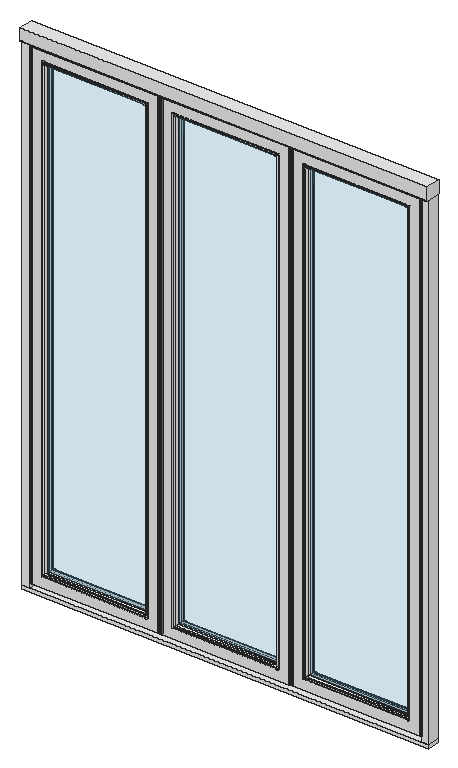
Revit family "98131", category Windows, host Wall, Revit 2018
Family settings
  Host = Wall
  OmniClass Number = 23.30.20.00
  OmniClass Title = Windows
  Always vertical = Yes
  Cut with Voids When Loaded = No
  Shared = No
  Room Calculation Point = No
Parameters (values of type "Standard")
  Y N Override Stack [instance] = no
  Y N Override Number of Panels [instance] = no
  Warranty URL = "http://www.nanawall.com/support/warranty"
  URL = "http://www.nanawall.com/design/autocad"
  U Value = 0.17
  Thickness = 0' - 2 153/256"
  Subcategory = "Folding Window"  # constant formula
  Stack Thickness [instance] = 0' 2 153/256" * Panels  # 0' - 7 203/256"
  Split Stack Right [instance] = 3
  Split Stack [instance] = no
  Size Comment [instance] = if(or(Y N Override Stack, Y N Override Number of Panels), "CONTACT NANAWALL FOR SPECIAL SIZING", " ")  # " "
  Size Chart [instance] = "http://www.nanawall.com/products/wa67/sizes"
  Single Right Stack [instance] = if(and(Y N Override Stack, Left Stack), 1 = 0, if(Right Standard = 1, 1 = 1, if(and(C Split Stack, Split Stack Right = 1), 1 = 1, 1 = 0)))  # no
  Single Panel [instance] = if(and(Open, Width < 3' 3 1/16"), 1 = 1, if(Width > 3' 3", 1 = 0, 1 = 0))  # no
  Single Left Stack [instance] = if(and(not(Y N Override Stack), (Left Standard = 1)), 1 = 1, if(and(Y N Override Stack, Left Stack, (Panels = 1)), 1 = 1, (if(and(C Split Stack, Split Stack Right = Panels - 1), 1 = 1, 1 = 0))))  # yes
  Sills Available = "Raised, Low Profile Saddle, Flush"  # constant formula
  Sash = Metal - NanaWall - Aluminum
  Rough Width = Width - (2 * (0' 1 99/128"))  # 7' - 8 29/64"
  Rough Height = Height - 0' 2 15/32"  # 9' - 7 17/32"
  Right Standard [instance] = roundup(Panels / 2)  # 2
  Right Stack Width [instance] = RS C * Thickness  # 0' - 5 25/128"
  Right Stack [instance] = no
  RS C [instance] = if(RS = 1, 2, if(RS = 0, 2, if(C Split Stack, Split Stack Right, RS)))  # 2
  RS [instance] = if(Not Override Stack, Right Standard, if(C Right Stack, Panels, if(C Left Stack, 2, if(C Split Stack, Split Stack Right, 2))))  # 2
  Product Page URL = "http://www.nanawall.com/products/wa67"
  Performance URL = "http://www.nanawall.com/products/wa67/performance"
  Panels [instance] = if(Y N Override Number of Panels, Override Number of Panels, Panel Constraint)  # 3
  Panel Width [instance] = Opening Width / Panels  # 2' - 6.81771"
  Panel Height = Height Constraint - 0' 2 15/16"  # 9' - 7 1/16"
  Panel Constraint [instance] = if(Width < 3' 3", 1, if(Width < 6' 6", 2, if(Width < 9' 10", 3, if(Width < 13' 1", 4, if(Width < 16' 4", 5, if(Width < 19' 8", 6, if(Width < 22' 10", 7, if(Width < 26' 1", 8, if(Width < 29' 4", 9, if(Width < 32' 9", 10, if(Width < 36' 1", 11, if(Width < 39' 4", 12, if(Width < 42' 0", 13, if(Width < 45' 0", 14, if(Width < 48' 0", 15, if(Width < 51' 0", 16, if(Width < 54' 0", 17, if(Width < 57' 0", 18, if(Width < 60' 0", 19, 20)))))))))))))))))))  # 3
  Override Number of Panels [instance] = 3
  Opening Width = Width - (0' 1 99/128" + 0' 1 99/128")  # 7' - 8 29/64"
  Open Right Single [instance] = if(and(Open, Single Right Stack), 1 = 1, 1 = 0)  # no
  Open Right Multi [instance] = if(and(Open, Multiple Right Stack), 1 = 1, 1 = 0)  # no
  Open Left Single [instance] = if(and(Open, Single Left Stack), 1 = 1, 1 = 0)  # no
  Open Left Multi [instance] = if(and(Open, Multiple Left Stack), 1 = 1, 1 = 0)  # no
  Open [instance] = no
  Not Override Stack [instance] = not(Y N Override Stack)  # yes
  NanaWall Configurator = "http://www.nanawall.com/content/select-wizard"
  Multiple Right Stack [instance] = if(Width < 3' 3 1/16", 1 = 0, if(and(Right Standard < 1.5, Not Override Stack), 1 = 0, if(and(Right Standard > 1, Not Override Stack), 1 = 1, (if(and(C Split Stack, Split Stack Right > 1), 1 = 1, if(C Right Stack, 1 = 1, 1 = 0))))))  # yes
  Multiple Panel [instance] = if(and(Open, Width > 3' 3 1/16"), 1 = 0, if(and(Closed, Width > 3' 3 1/16"), 1 = 1, if(Width < 3' 3", 1 = 0, 1 = 1)))  # yes
  Multiple Left Stack [instance] = if(and(Left Standard > 1, Not Override Stack), 1 = 1, (if(and(C Split Stack, Split Stack Right < Panels - 1), 1 = 1, if(C Left Stack, 1 = 1, 1 = 0))))  # no
  Model = "WA-67"  # constant formula
  Max Panel Height = if(Panel Height > 9' 6", 9' 6", Panel Height)  # 9' - 6"
  Manufacturer Toll Free Phone = "(888) 411-NANA(6262)"  # constant formula
  Manufacturer Phone = "(415) 383-3148"  # constant formula
  Manufacturer Fax = "(415) 383-0312"  # constant formula
  Manufacturer Email = "mailto:info@nanawall.com"
  Manufacturer Address = "100 Meadowcreek Drive #250, Corte Madera, CA 94925"  # constant formula
  Manufacturer = "NanaWall Systems, Inc."  # constant formula
  Left Standard [instance] = rounddown(Panels / 2)  # 1
  Left Stack Width [instance] = LS C * Thickness  # 0' - 5 25/128"
  Left Stack [instance] = no
  LS C [instance] = if(LS = 1, 2, if(LS = 0, 2, if(C Split Stack, Panels - Split Stack Right, LS)))  # 2
  LS [instance] = if(Not Override Stack, Left Standard, if(C Left Stack, Panels, if(C Right Stack, 2, if(C Split Stack, Panels - Split Stack Right, 2))))  # 1
  Installation and Service URL = "http://www.nanawall.com/support/installer"
  Height Constraint = if(Height < 3' 3", 3' 3", if(Height > 9' 10", 9' 10", Height))  # 9' - 10"
  Height = 9' - 10"
  Wall Closure = By host
  Width = 8' - 0"
  Half Panel Width [instance] = Panel Width / 2  # 1' - 3.40885"
  Glazing Options = "http://www.nanawall.com/products/wa67"
  Glass Material = Glass - NanaWall - Generic
  Filler = Rubber - NanaWall - Black
  Exterior Wall Offset = 0' - 5"
  Engineering Details URL = "http://www.nanawall.com/products/wa67/component"
  Disclaimer = "Please note that the Revit model is for schematic purposes only.  To obtain a detailed 3D model, please go to the NanaWall's configurator at www.nanawall.com."  # constant formula
  Description = "Aluminum-Clad Over Wood Folding System"  # constant formula
  Cost Info = "http://www.nanawall.com/design_wizard/wa67/quote-HL-4"
  Closed [instance] = not(Open)  # yes
  Clearance On [instance] = no
  C Split Stack [instance] = if(and(Y N Override Stack, Split Stack), 1 = 1, if(Right Stack, 1 = 0, if(Left Stack, 1 = 0, 1 = 0)))  # no
  C Right Stack [instance] = if(and(Y N Override Stack, Right Stack), 1 = 1, if(Left Stack, 1 = 0, if(Split Stack, 1 = 0, 1 = 1)))  # yes
  C Panel [instance] = if(Panels < 2, 2, Panels)  # 3
  C Left Stack [instance] = if(and(Y N Override Stack, Left Stack), 1 = 1, if(Right Stack, 1 = 0, if(Split Stack, 1 = 0, 1 = 0)))  # no
  Assembly Code = "B2050.1040"
  95 CSI = "8411"  # constant formula
  04 CSI = "08 41 13"  # constant formula
Reference planes (in)
  plane 1 "Center (Front/Back)": y = 0
  plane 2 "Center (Left/Right)": x = 0
  plane 3 "Left": x = -48
  plane 4 "Right": x = 48
  plane 5 "Top": z = 118
  plane 6: z = 115.05521
  plane 7: z = 59
  plane 8: x = -46.22835
  plane 9: x = 46.22835
  plane 10: x = 40.77713
  plane 11: y = -1.29883
  plane 12: y = 1.29883
  plane 13: y = -2
  plane 14: y = -3.29883
  plane 15: x = 45.97244
  plane 16: x = -45.97244
  plane 17: x = -40.77713
Lines and regions (in)
  Opening 1
    outline origin (-90, -3, 0) x (1, 0, 0) y (0, 0, 1)
      loop
        line (42, 0) -> (138, 0) -> (138, 118) -> (42, 118) -> (42, 0)
  symbolic lines
    curve 1: line (-48, -0.69929, 0) -> (48, -0.69929, 0)
    curve 2: line (-48, -3.29883, 0) -> (48, -3.29883, 0)
  symbolic lines, visible <- "Clearance On"
    curve 3: line (-45.97244, -34.11654, 0) -> (-45.97244, -3.29883, 0)
    curve 4: line (45.97244, -34.11654, 0) -> (-45.97244, -34.11654, 0)
    curve 5: line (45.97244, -3.29883, 0) -> (45.97244, -34.11654, 0)
Text (in)
  text "Exterior" at (-74.96733, 27.31104, 0), in view "Ref. Level"
  text "Interior" at (-74.96733, -25.14366, 0), in view "Ref. Level"
  text "Exterior" at (0, 40.15149, 72.9804), in view "Right"
  text "Interior" at (0, -64.39139, 72.9804), in view "Right"
  text "Interior" at (0, -31.01599, 63.85961), in view "Left"
  text "Exterior" at (0, 54.57065, 63.85961), in view "Left"
Dimensions and locks (in)
  "Height Constraint": level to plane 5 "Top"
  "Width": plane 3 "Left" to plane 4 "Right"
  equal spacing: plane 3 "Left", plane 2 "Center (Left/Right)", plane 4 "Right"
  locked: plane 6 to plane 5 "Top" at 2.94479
  equal spacing: level, plane 7, plane 5 "Top"
  locked: plane 3 "Left" to plane 8 at 1.77165
  locked: plane 9 to plane 4 "Right" at 1.77165
  equal spacing: group 2, group 3, group 1
  equal spacing: group 1, group 3, group 2  (x2)
  "Right Stack Width": plane 10 to plane 15
  "Exterior Wall Offset": host wall to plane 13
  locked: plane 13 to plane 14 at 1.29883
  locked: plane 15 to plane 4 "Right" at 2.02756
  locked: plane 3 "Left" to plane 16 at 2.02756
  "Left Stack Width": plane 16 to plane 17
  group 5 to group 4 = 0' - 2 153/256"
  group 4 to group 5 = 0' - 0"  (x2)
  group 6 to group 7 = 0' - 2 153/256"
  group 6 to group 7 = 0' - 0"  (x2)
  group 8 to group 9 = 0' - 2 19/32"
  group 8 to group 9 = 0' - 0"  (x2)
  group 11 to group 10 = 0' - 2 19/32"
  group 10 to group 11 = 0' - 0"  (x2)
  curve 1 to plane 13 to curve 2 = 0' - 1.30071" locked, 0' - 1.29883" locked
  "Panel Width": plane 14 to curve 4
  aligned and locked: plane 3 "Left" to Opening 1 sketch curve
  aligned and locked: plane 5 "Top" to Opening 1 sketch curve  (x2)
  aligned and locked: Opening 1 sketch curve to plane 4 "Right"
  aligned and locked: Opening 1 sketch curve to level
  aligned and locked: nested 1 to plane 3 "Left"
  aligned and locked: nested 2 to plane 4 "Right"
  aligned and locked: plane 2 "Center (Left/Right)" to nested 4
  aligned and locked: plane 13 to nested 6
  aligned and locked: plane 13 to nested 3
  aligned and locked: plane 13 to nested 7
  aligned and locked: nested 1 to plane 13
  aligned and locked: plane 13 to nested 2
  aligned and locked: nested 4 to plane 13
  aligned and locked: plane 13 to nested 5
  aligned and locked: level to nested 4
  aligned and locked: nested 5 to plane 5 "Top"
  aligned and locked: nested 2 to plane 6
  aligned and locked: plane 6 to nested 3
  aligned and locked: plane 6 to nested 1
  aligned and locked: plane 6 to nested 6
  aligned and locked: plane 9 to nested 3
  aligned and locked: plane 8 to nested 6
  aligned and locked: plane 14 to nested 8
  aligned and locked: nested 8 to plane 15
  aligned and locked: plane 10 to nested 12
  aligned and locked: plane 14 to nested 12
  aligned and locked: plane 14 to nested 9
  aligned and locked: nested 9 to plane 15
  aligned and locked: plane 14 to nested 11
  aligned and locked: plane 16 to nested 11
  aligned and locked: nested 13 to plane 17
  aligned and locked: plane 14 to nested 13
  aligned and locked: nested 12 to plane 14
  aligned and locked: plane 14 to nested 10
  aligned and locked: plane 16 to nested 10
  aligned and locked: plane 14 to nested 14
  aligned and locked: plane 16 to nested 14
  aligned and locked: plane 17 to nested 18
  aligned and locked: plane 14 to nested 18
  aligned and locked: plane 14 to nested 15
  aligned and locked: plane 16 to nested 15
  aligned and locked: plane 14 to nested 17
  aligned and locked: nested 17 to plane 15
  aligned and locked: plane 10 to nested 19
  aligned and locked: plane 14 to nested 19
  aligned and locked: plane 14 to nested 16
  aligned and locked: nested 16 to plane 15
  aligned and locked: plane 3 "Left" to curve 1
  aligned and locked: plane 3 "Left" to curve 2
  aligned and locked: plane 4 "Right" to curve 1
  aligned and locked: plane 4 "Right" to curve 2
  aligned and locked: plane 8 to nested 20
  aligned and locked: plane 13 to nested 20
  aligned and locked: curve 3 to plane 16
  aligned and locked: curve 5 to plane 15
Nested families (in)
  nested 1: "Left-Jamb_WA-67" at (-40.69793, -2, -0.00729), type "Left-Jamb_WA-67"
  nested 2: "Right-Jamb_WA-67" at (40.69793, -2, -0.00729) x (-1, 0, 0) z (0, 0, 1), type "Right-Jamb_WA-67"
  nested 3: "Sash_WA-67_NanaWall" at (30.83184, -10.125, 1.05521) x (-1, 0, 0) z (0, 0, 1), visible <- "Closed", type "Sash_WA-67_NanaWall"
  nested 4: "Sill_WA-67" at (7.30207, -2, -0.83203), type "Sill_WA-67"
  nested 5: "Header_WA-67" at (7.30207, -2, 0), type "Header_WA-67"
  nested 6: "Sash_WA-67_NanaWall" at (-30.80705, -10.125, 1.05521) x (-1, 0, 0) z (0, 0, 1), visible <- "Closed", type "Sash_WA-67_NanaWall"
  nested 7: "Sash_WA-67_NanaWall" at (0.01239, -10.125, 1.05521) x (-1, 0, 0) z (0, 0, 1), visible <- "Closed", type "Sash_WA-67_NanaWall"
  nested 8: "DetailItem_Panel" at (44.62834, -17.04752, 0), visible <- "Multiple Right Stack", type "DetailItem_Panel"
    with Panel Thickness 0' - 2 153/256", Panel Width 2' - 6.81771"
  nested 9: "DetailItem_Panel" at (44.62834, -17.04752, 0), visible <- "Single Right Stack", type "DetailItem_Panel"
    with Panel Thickness 0' - 2 153/256", Panel Width 2' - 6.81771"
  nested 10: "DetailItem_Panel" at (-44.71889, -17.04752, 0), visible <- "Single Left Stack", type "DetailItem_Panel"
    with Panel Thickness 0' - 2 153/256", Panel Width 2' - 6.81771"
  nested 11: "DetailItem_Panel" at (-44.71889, -17.04752, 0), visible <- "Multiple Left Stack", type "DetailItem_Panel"
    with Panel Thickness 0' - 2 153/256", Panel Width 2' - 6.81771"
  nested 12: "DetailItem_Panel" at (42.03068, -17.04752, 0), visible <- "Multiple Right Stack", type "DetailItem_Panel"
    with Panel Thickness 0' - 2 153/256", Panel Width 2' - 6.81771"
  nested 13: "DetailItem_Panel" at (-42.12123, -17.04752, 0), visible <- "Multiple Left Stack", type "DetailItem_Panel"
    with Panel Thickness 0' - 2 153/256", Panel Width 2' - 6.81771"
  nested 14: "Sash_WA-67_NanaWall" at (-52.79666, -18.72003, 0.00001) x (0, 1, 0) z (0, 0, 1), visible <- "Open Left Multi", type "Sash_WA-67_NanaWall"
  nested 15: "Sash_WA-67_NanaWall" at (-52.79666, -18.72003, 0.00001) x (0, 1, 0) z (0, 0, 1), visible <- "Open Left Single", type "Sash_WA-67_NanaWall"
  nested 16: "Sash_WA-67_NanaWall" at (36.54666, -18.72003, 0.00001) x (0, 1, 0) z (0, 0, 1), visible <- "Open Right Single", type "Sash_WA-67_NanaWall"
  nested 17: "Sash_WA-67_NanaWall" at (36.54666, -18.72003, 0.00001) x (0, 1, 0) z (0, 0, 1), visible <- "Open Right Multi", type "Sash_WA-67_NanaWall"
  nested 18: "Sash_WA-67_NanaWall" at (-50.20291, -18.72003, 0.00001) x (0, 1, 0) z (0, 0, 1), visible <- "Open Left Multi", type "Sash_WA-67_NanaWall"
  nested 19: "Sash_WA-67_NanaWall" at (33.95291, -18.72003, 0.00001) x (0, 1, 0) z (0, 0, 1), visible <- "Open Right Multi", type "Sash_WA-67_NanaWall"
  nested 20: "Sash_WA-67_NanaWall" at (0.01056, -10.125, 0.00001) x (-1, 0, 0) z (0, 0, 1), visible <- "Single Panel", type "Sash_WA-67_NanaWall Full"
    with Width 7' - 8 29/64"
Definition of nested family "Left-Jamb_WA-67"
  Parameters
    Width = 1' - 0"
    Left Jamb = none
    Height = 9' - 7 1/16"
    Half = yes
    Assembly Code = ""
  Reference planes (in)
    plane 1 "Center (Front/Back)": y = 0
    plane 2: z = 0
    plane 3 "Center (Left/Right)": x = -7.30207
    plane 4 "Top": z = 115.0625
  Forms (in)
    Sweep 1, solid, material <- "Left Jamb"
      path origin (-7.30207, 0, 0) x (0, 1, 0) y (0, 0, 1)
        loop
          line (0, 115.0625) -> (0, 0)
      profile "Profile_Left-Jamb_WA-67 : Profile_Left-Jamb_WA-67" origin (-7.30207, 0, 57.53125) x (0, 1, 0) y (1, 0, 0)
        loop
          line (-1.29921, 0) -> (1.29921, 0) -> (1.29921, 1.77165) -> (-1.29921, 1.77165) -> (-1.29921, 0)
  Lines and regions (in)
    Masking region 1
      outline origin (0, 0, 0) x (1, 0, 0) y (0, 1, 0)
        loop
          line (-7.30207, 1.29921) -> (-7.30207, -1.29921) -> (-5.53042, -1.29921) -> (-5.53042, 1.29921) -> (-7.30207, 1.29921)
  Dimensions and locks (in)
    "Height": plane 4 "Top" to level
    plane 4 "Top" to level = 9' - 7 1/16"
    aligned and locked: plane 4 "Top" to Sweep 1 sketch curve
    aligned and locked: level to Sweep 1 sketch curve
    aligned and locked: plane 3 "Center (Left/Right)" to nested 1
    aligned and locked: plane 1 "Center (Front/Back)" to nested 1
    aligned and locked: Masking region 1 sketch curve to plane 3 "Center (Left/Right)"
  Automatic sketch dimensions
    plane 1 "Center (Front/Back)" to Sweep 1 sketch curve = 0' - 0"
    Masking region 1 sketch curve to plane 1 "Center (Front/Back)" = 0' - 1.29921"
    Masking region 1 sketch curve to Masking region 1 sketch curve = 0' - 1.77165"
    plane 1 "Center (Front/Back)" to Masking region 1 sketch curve = 0' - 1.29921"
  Nested families (in)
    nested 1: "Left-Jamb_Nana_Walls-WD-67" at (-7.36112, 0, 0), type "Left-Jamb_Nana_Walls-WD-67", detail levels fine
  Definition of nested family "Left-Jamb_Nana_Walls-WD-67"
    Parameters
      SmartBIM Object Version = 1  # constant formula
      SmartBIM Object Created By = "Reed Construction Data"  # constant formula
      Half Peice = yes
      Assembly Code = ""
      95 CSI = ""
      04 CSI = ""
    Reference planes (in)
      plane 1 "Center (Front/Back)": y = 0
      plane 2: z = 0
      plane 3 "Center (Left/Right)": x = 0.05906
    Lines and regions (in)
      model lines, in view "Ref. Level"
        curve 1: arc (1.73228, -1.29921, 0) -> (1.80188, -1.27038, 0) -> (1.83071, -1.20079, 0) r 0.09843
        curve 2: arc (1.83071, -0.90551, 0) -> (1.80765, -0.84983, 0) -> (1.75197, -0.82677, 0) r 0.07874
        curve 3: arc (1.24016, 0.82677, 0) -> (1.21133, 0.89637, 0) -> (1.14173, 0.9252, 0) r 0.09843
        curve 4: arc (0.41339, 0.9252, 0) -> (0.34379, 0.89637, 0) -> (0.31496, 0.82677, 0) r 0.09843
        curve 5: arc (0.31496, 0.65709, 0) -> (0.32147, 0.63931, 0) -> (0.33793, 0.62992, 0) r 0.02756
        curve 6: arc (0.33465, 0.55118, 0) -> (0.34857, 0.55695, 0) -> (0.35433, 0.57087, 0) r 0.01969
        curve 7: arc (0.35433, 0.61051, 0) -> (0.34968, 0.62322, 0) -> (0.33793, 0.62992, 0) r 0.01969
        curve 8: arc (0.05906, -1.20079, 0) -> (0.08788, -1.27038, 0) -> (0.15748, -1.29921, 0) r 0.09843
        curve 9: line (1.53543, -0.62992, 0) -> (1.27953, -0.62992, 0)
        curve 10: line (1.27953, -0.62992, 0) -> (1.27953, -0.82677, 0)
        curve 11: line (1.27953, -0.82677, 0) -> (1.75197, -0.82677, 0)
        curve 12: line (0.15748, -1.29921, 0) -> (1.73228, -1.29921, 0)
        curve 13: line (1.83071, -1.20079, 0) -> (1.83071, -0.90551, 0)
        curve 14: line (0.41339, 0.9252, 0) -> (1.14173, 0.9252, 0)
        curve 15: line (0.35433, 0.57087, 0) -> (0.35433, 0.61051, 0)
        curve 16: line (1.53543, 0.31496, 0) -> (1.27953, 0.31496, 0)
        curve 17: line (1.27953, 0.31496, 0) -> (1.27953, -0.31496, 0)
        curve 18: line (1.27953, -0.31496, 0) -> (1.53543, -0.31496, 0)
        curve 19: line (1.24016, 0.82677, 0) -> (1.24016, 0.62992, 0)
        curve 20: line (1.24016, 0.62992, 0) -> (1.53543, 0.62992, 0)
        curve 21: line (0.05906, -1.20079, 0) -> (0.05906, -0.3937, 0)
        curve 22: line (0.05906, -0.3937, 0) -> (0.29528, -0.3937, 0)
        curve 23: line (0.29528, -0.3937, 0) -> (0.29528, 0.3937, 0)
        curve 24: line (0.29528, 0.3937, 0) -> (0.05906, 0.3937, 0)
        curve 25: line (0.05906, 0.3937, 0) -> (0.05906, 0.5315, 0)
        curve 26: line (0.05906, 0.5315, 0) -> (0.07874, 0.55118, 0)
        curve 27: line (0.07874, 0.55118, 0) -> (0.33465, 0.55118, 0)
        curve 92: arc (1.29134, 0.74953, 0) -> (1.30864, 0.70777, 0) -> (1.35039, 0.69048, 0) r 0.05906
        curve 93: arc (1.37008, 1.04481, 0) -> (1.35278, 1.08656, 0) -> (1.31102, 1.10386, 0) r 0.05906
        curve 94: arc (0.98031, 1.10386, 0) -> (1.00815, 1.11539, 0) -> (1.01969, 1.14323, 0) r 0.03937
        curve 95: arc (1.05791, 1.22999, 0) -> (1.03017, 1.20832, 0) -> (1.01969, 1.17473, 0) r 0.05906
        curve 96: arc (0.58661, 1.17473, 0) -> (0.57613, 1.20832, 0) -> (0.54839, 1.22999, 0) r 0.05906
        curve 97: arc (0.58661, 1.14323, 0) -> (0.59815, 1.11539, 0) -> (0.62598, 1.10386, 0) r 0.03937
        curve 98: arc (1.22441, 1.15111, 0) -> (1.24668, 1.16033, 0) -> (1.25591, 1.1826, 0) r 0.0315
        curve 99: line (1.19387, 1.15111, 0) -> (1.22764, 1.1826, 0)
        curve 100: line (1.22764, 1.20229, 0) -> (1.21007, 1.22999, 0)
        curve 101: arc (1.25591, 1.20229, 0) -> (1.25147, 1.21841, 0) -> (1.2394, 1.22999, 0) r 0.0315
        curve 102: arc (0.3669, 1.22999, 0) -> (0.35483, 1.21841, 0) -> (0.35039, 1.20229, 0) r 0.0315
        curve 103: line (0.39623, 1.22999, 0) -> (0.37866, 1.20229, 0)
        curve 104: arc (0.35039, 1.1826, 0) -> (0.35962, 1.16033, 0) -> (0.38189, 1.15111, 0) r 0.0315
        curve 105: line (0.37866, 1.1826, 0) -> (0.41243, 1.15111, 0)
        curve 106: arc (0.15484, 0.67329, 0) -> (0.17549, 0.63004, 0) -> (0.20472, 0.59205, 0) r 0.22835
        curve 107: arc (0.20472, 0.90701, 0) -> (0.17549, 0.86903, 0) -> (0.15484, 0.82578, 0) r 0.22835
        curve 108: line (0.15481, 0.68289, 0) -> (0.15484, 0.67329, 0)
        curve 109: line (0.15484, 0.74953, 0) -> (0.15481, 0.71265, 0)
        curve 110: line (0.15481, 0.78641, 0) -> (0.15484, 0.74953, 0)
        curve 164: line (1.51575, 0.76134, 0) -> (1.51575, 0.70622, 0)
        curve 165: line (1.51575, 0.70622, 0) -> (1.5, 0.69048, 0)
        curve 166: line (1.5, 0.69048, 0) -> (1.35039, 0.69048, 0)
        curve 167: line (1.29134, 0.74953, 0) -> (1.29134, 1.10386, 0)
        curve 168: line (1.41339, 0.77709, 0) -> (1.31102, 0.77709, 0)
        curve 169: line (1.37008, 0.77709, 0) -> (1.37008, 1.04481, 0)
        curve 170: line (1.01969, 1.14323, 0) -> (1.01969, 1.17473, 0)
        curve 171: line (1.31102, 1.10386, 0) -> (1.09843, 1.10386, 0)
        curve 172: line (1.09843, 1.10386, 0) -> (1.09843, 1.15111, 0)
        curve 173: line (1.09843, 1.15111, 0) -> (1.22441, 1.15111, 0)
        curve 174: line (0.62598, 1.10386, 0) -> (0.98031, 1.10386, 0)
        curve 175: line (0.58661, 1.14323, 0) -> (0.58661, 1.17473, 0)
        curve 176: line (0.70472, 1.10386, 0) -> (0.70472, 1.22985, 0)
        curve 177: line (0.70472, 1.22985, 0) -> (0.90157, 1.22985, 0)
        curve 178: line (0.90157, 1.22985, 0) -> (0.90157, 1.10386, 0)
        curve 179: line (0.38189, 1.15111, 0) -> (0.50787, 1.15111, 0)
        curve 180: line (0.50787, 1.15111, 0) -> (0.50787, 0.9252, 0)
        curve 181: line (1.22764, 1.1826, 0) -> (1.22764, 1.20229, 0)
        curve 182: line (1.25591, 1.1826, 0) -> (1.25591, 1.20229, 0)
        curve 183: line (0.37866, 1.1826, 0) -> (0.37866, 1.20229, 0)
        curve 184: line (0.35039, 1.1826, 0) -> (0.35039, 1.20229, 0)
        curve 185: line (1.1378, 1.10386, 0) -> (1.1378, 1.15111, 0)
        curve 186: line (0.4685, 1.15111, 0) -> (0.4685, 1.02512, 0)
        curve 187: line (0.4685, 1.02512, 0) -> (0.4779, 1.02512, 0)
        curve 188: line (0.4779, 1.02512, 0) -> (0.4779, 0.9267, 0)
        curve 189: line (0.4779, 0.9267, 0) -> (1.29134, 0.9267, 0)
        curve 190: line (0.54839, 1.22999, 0) -> (0.3669, 1.22999, 0)
        curve 191: line (1.05791, 1.22999, 0) -> (1.2394, 1.22999, 0)
        curve 192: line (0.15481, 0.71265, 0) -> (0.14819, 0.71139, 0)
        curve 193: line (0.14819, 0.71139, 0) -> (0.14988, 0.70235, 0)
        curve 194: line (0.14988, 0.70235, 0) -> (0.15204, 0.69293, 0)
        curve 195: line (0.15204, 0.69293, 0) -> (0.15481, 0.68289, 0)
        curve 196: line (0.25591, 0.59205, 0) -> (0.20472, 0.59205, 0)
        curve 197: line (0.20472, 0.59205, 0) -> (0.20472, 0.90701, 0)
        curve 198: line (0.20472, 0.90701, 0) -> (0.25591, 0.90701, 0)
        curve 199: line (0.25591, 0.72907, 0) -> (0.25591, 0.76999, 0)
        curve 200: line (0.15481, 0.81617, 0) -> (0.15201, 0.80598, 0)
        curve 201: line (0.15201, 0.80598, 0) -> (0.14985, 0.79656, 0)
        curve 202: line (0.14985, 0.79656, 0) -> (0.14819, 0.78767, 0)
        curve 203: line (0.14819, 0.78767, 0) -> (0.15481, 0.78641, 0)
        curve 245: arc (1.83071, 1.00544, 0) -> (1.82494, 1.01936, 0) -> (1.81102, 1.02512, 0) r 0.01969
        curve 254: arc (1.81102, 1.20229, 0) -> (1.82494, 1.20805, 0) -> (1.83071, 1.22197, 0) r 0.01969
        curve 363: line (1.83071, 1.2889, 0) -> (1.83071, 1.22197, 0)
        curve 520: arc (1.57958, 0.12101, 0) -> (1.60518, 0.15932, 0) -> (1.61417, 0.20452, 0) r 0.11811
        curve 521: arc (1.61417, -0.20152, 0) -> (1.60518, -0.15632, 0) -> (1.57958, -0.11801, 0) r 0.11811
        curve 522: arc (1.83071, -0.62842, 0) -> (1.82494, -0.6145, 0) -> (1.81102, -0.60874, 0) r 0.01969
        curve 523: arc (1.81776, -0.67605, 0) -> (1.82715, -0.66885, 0) -> (1.83071, -0.65755, 0) r 0.01969
        curve 524: arc (1.83071, 0.66055, 0) -> (1.82715, 0.67184, 0) -> (1.81776, 0.67905, 0) r 0.01969
        curve 525: arc (1.81102, 0.61174, 0) -> (1.82494, 0.6175, 0) -> (1.83071, 0.63142, 0) r 0.01969
        curve 526: arc (1.43701, -0.76622, 0) -> (1.40917, -0.77775, 0) -> (1.39764, -0.80559, 0) r 0.03937
        curve 527: arc (1.51575, -0.80559, 0) -> (1.54359, -0.79406, 0) -> (1.55512, -0.76622, 0) r 0.03937
        curve 528: arc (1.38688, -0.62992, 0) -> (1.36622, -0.64406, 0) -> (1.35827, -0.66779, 0) r 0.03937
        curve 529: arc (1.56426, -0.10269, 0) -> (1.54727, -0.09717, 0) -> (1.53281, -0.10766, 0) r 0.01969
        curve 530: arc (1.35825, -0.31496, 0) -> (1.4418, -0.29277, 0) -> (1.51631, -0.24895, 0) r 0.3189
        curve 531: arc (1.41753, -0.21747, 0) -> (1.48454, -0.1724, 0) -> (1.53281, -0.10766, 0) r 0.24016
        curve 532: arc (1.53543, -0.25822, 0) -> (1.52878, -0.2476, 0) -> (1.51631, -0.24895, 0) r 0.01181
        curve 533: arc (1.3189, -0.27409, 0) -> (1.33043, -0.30193, 0) -> (1.35827, -0.31346, 0) r 0.03937
        curve 534: arc (1.38976, -0.19952, 0) -> (1.39876, -0.21605, 0) -> (1.41753, -0.21747, 0) r 0.01969
        curve 535: arc (1.53281, 0.11066, 0) -> (1.48454, 0.17539, 0) -> (1.41753, 0.22047, 0) r 0.24016
        curve 536: arc (1.51631, 0.25195, 0) -> (1.45074, 0.29187, 0) -> (1.37753, 0.31496, 0) r 0.3189
        curve 537: arc (1.53281, 0.11066, 0) -> (1.54727, 0.10017, 0) -> (1.56426, 0.10569, 0) r 0.01969
        curve 538: arc (1.51631, 0.25195, 0) -> (1.52878, 0.2506, 0) -> (1.53543, 0.26122, 0) r 0.01181
        curve 539: arc (1.34751, 0.31496, 0) -> (1.32685, 0.30082, 0) -> (1.3189, 0.27709, 0) r 0.03937
        curve 540: arc (1.41753, 0.22047, 0) -> (1.39876, 0.21905, 0) -> (1.38976, 0.20252, 0) r 0.01969
        curve 541: arc (1.39764, 0.80859, 0) -> (1.40917, 0.78075, 0) -> (1.43701, 0.76922, 0) r 0.03937
        curve 542: arc (1.55512, 0.76922, 0) -> (1.54359, 0.79706, 0) -> (1.51575, 0.80859, 0) r 0.03937
        curve 543: arc (1.35827, 0.67079, 0) -> (1.3698, 0.64295, 0) -> (1.39764, 0.63142, 0) r 0.03937
        curve 544: arc (0.25591, 1.24166, 0) -> (0.25014, 1.25558, 0) -> (0.23622, 1.26134, 0) r 0.01969
        curve 545: arc (0.23622, 0.96607, 0) -> (0.25014, 0.97183, 0) -> (0.25591, 0.98575, 0) r 0.01969
        curve 546: arc (0.07874, 1.02512, 0) -> (0.06482, 1.01936, 0) -> (0.05906, 1.00544, 0) r 0.01969
        curve 547: arc (0.05906, 1.22197, 0) -> (0.06482, 1.20805, 0) -> (0.07874, 1.20229, 0) r 0.01969
        curve 548: arc (0.18898, 0.99166, 0) -> (0.18321, 1.00558, 0) -> (0.16929, 1.01134, 0) r 0.01969
        curve 549: arc (0.16929, 1.21607, 0) -> (0.18321, 1.22183, 0) -> (0.18898, 1.23575, 0) r 0.01969
        curve 550: arc (0.31496, 0.55268, 0) -> (0.33465, 0.57237, 0) -> (0.31496, 0.59205, 0) r 0.01969
        curve 551: arc (1.5748, 0.99363, 0) -> (1.59441, 0.9463, 0) -> (1.64173, 0.9267, 0) r 0.06693
        curve 552: arc (1.25984, 1.10386, 0) -> (1.3016, 1.12116, 0) -> (1.3189, 1.16292, 0) r 0.05906
        curve 553: arc (1.64173, 0.98575, 0) -> (1.6475, 0.97183, 0) -> (1.66142, 0.96607, 0) r 0.01969
        curve 554: arc (1.72047, 1.01134, 0) -> (1.70655, 1.00558, 0) -> (1.70079, 0.99166, 0) r 0.01969
        curve 555: arc (1.66142, 1.26134, 0) -> (1.6475, 1.25558, 0) -> (1.64173, 1.24166, 0) r 0.01969
        curve 556: arc (1.70079, 1.23575, 0) -> (1.70655, 1.22183, 0) -> (1.72047, 1.21607, 0) r 0.01969
        curve 557: arc (1.83071, 1.00544, 0) -> (1.82494, 1.01936, 0) -> (1.81102, 1.02512, 0) r 0.01969
        curve 558: arc (1.81102, 1.20229, 0) -> (1.82494, 1.20805, 0) -> (1.83071, 1.22197, 0) r 0.01969
        curve 559: line (0.31496, 0.65709, 0) -> (0.31496, 0.82677, 0)
        curve 560: line (1.53543, 0.62992, 0) -> (1.53543, 0.31496, 0)
        curve 561: line (1.53543, -0.31496, 0) -> (1.53543, -0.62992, 0)
        curve 706: line (1.55512, -0.76622, 0) -> (1.55512, -0.66779, 0)
        curve 707: line (1.55512, -0.66779, 0) -> (1.73228, -0.66779, 0)
        curve 708: line (1.73228, -0.66779, 0) -> (1.73228, -0.70716, 0)
        curve 709: line (1.73228, -0.70716, 0) -> (1.81776, -0.67605, 0)
        curve 710: line (1.83071, -0.65755, 0) -> (1.83071, -0.62842, 0)
        curve 711: line (1.81102, -0.60874, 0) -> (1.61417, -0.60874, 0)
        curve 712: line (1.61417, -0.60874, 0) -> (1.61417, -0.45203, 0)
        curve 713: line (1.61417, -0.45203, 0) -> (1.60236, -0.43157, 0)
        curve 714: line (1.60236, -0.43157, 0) -> (1.61417, -0.41111, 0)
        curve 715: line (1.61417, -0.41111, 0) -> (1.61417, -0.20152, 0)
        curve 716: line (1.81776, 0.67905, 0) -> (1.73228, 0.71016, 0)
        curve 717: line (1.73228, 0.71016, 0) -> (1.73228, 0.67079, 0)
        curve 718: line (1.73228, 0.67079, 0) -> (1.55512, 0.67079, 0)
        curve 719: line (1.55512, 0.67079, 0) -> (1.55512, 0.76922, 0)
        curve 720: line (1.61417, 0.20452, 0) -> (1.61417, 0.41411, 0)
        curve 721: line (1.61417, 0.41411, 0) -> (1.60236, 0.43457, 0)
        curve 722: line (1.60236, 0.43457, 0) -> (1.61417, 0.45503, 0)
        curve 723: line (1.61417, 0.45503, 0) -> (1.61417, 0.61174, 0)
        curve 724: line (1.61417, 0.61174, 0) -> (1.81102, 0.61174, 0)
        curve 725: line (1.83071, 0.63142, 0) -> (1.83071, 0.66055, 0)
        curve 726: line (1.53543, -0.25822, 0) -> (1.53543, -0.62842, 0)
        curve 727: line (1.53543, -0.62842, 0) -> (1.39764, -0.62842, 0)
        curve 728: line (1.39764, -0.80559, 0) -> (1.51575, -0.80559, 0)
        curve 729: line (1.35827, -0.66779, 0) -> (1.51575, -0.66779, 0)
        curve 730: line (1.51575, -0.66779, 0) -> (1.51575, -0.76622, 0)
        curve 731: line (1.51575, -0.76622, 0) -> (1.43701, -0.76622, 0)
        curve 732: line (1.39764, 0.63142, 0) -> (1.53543, 0.63142, 0)
        curve 733: line (1.53543, 0.63142, 0) -> (1.53543, 0.26122, 0)
        curve 734: line (1.38976, -0.19952, 0) -> (1.38976, 0.20252, 0)
        curve 735: line (1.3189, 0.27709, 0) -> (1.3189, -0.27409, 0)
        curve 736: line (1.57958, -0.11801, 0) -> (1.56426, -0.10269, 0)
        curve 737: line (1.35827, -0.31346, 0) -> (1.36885, -0.31346, 0)
        curve 738: line (1.56426, 0.10569, 0) -> (1.57958, 0.12101, 0)
        curve 739: line (1.36885, 0.31646, 0) -> (1.35827, 0.31646, 0)
        curve 740: line (1.51575, 0.80859, 0) -> (1.39764, 0.80859, 0)
        curve 741: line (1.43701, 0.76922, 0) -> (1.51575, 0.76922, 0)
        curve 742: line (1.51575, 0.76922, 0) -> (1.51575, 0.67079, 0)
        curve 743: line (1.51575, 0.67079, 0) -> (1.35827, 0.67079, 0)
        curve 744: line (0.05906, 1.22197, 0) -> (0.05906, 1.30071, 0)
        curve 745: line (0.05906, 1.30071, 0) -> (1.83071, 1.30071, 0)
        curve 746: line (1.83071, 1.30071, 0) -> (1.83071, 1.22197, 0)
        curve 747: line (0.16929, 1.01134, 0) -> (0.14961, 1.01134, 0)
        curve 748: line (0.14961, 1.01134, 0) -> (0.14961, 0.96607, 0)
        curve 749: line (0.14961, 0.96607, 0) -> (0.09843, 0.96607, 0)
        curve 750: line (0.09843, 0.96607, 0) -> (0.09843, 1.02512, 0)
        curve 751: line (0.09843, 1.02512, 0) -> (0.07874, 1.02512, 0)
        curve 752: line (0.23622, 0.96607, 0) -> (0.18898, 0.96607, 0)
        curve 753: line (0.18898, 0.96607, 0) -> (0.18898, 0.99166, 0)
        curve 754: line (0.16929, 1.21607, 0) -> (0.14961, 1.21607, 0)
        curve 755: line (0.14961, 1.21607, 0) -> (0.14961, 1.26134, 0)
        curve 756: line (0.14961, 1.26134, 0) -> (0.09843, 1.26134, 0)
        curve 757: line (0.09843, 1.26134, 0) -> (0.09843, 1.20229, 0)
        curve 758: line (0.09843, 1.20229, 0) -> (0.07874, 1.20229, 0)
        curve 759: line (0.23622, 1.26134, 0) -> (0.18898, 1.26134, 0)
        curve 760: line (0.18898, 1.26134, 0) -> (0.18898, 1.23575, 0)
        curve 761: line (0.05906, 1.00544, 0) -> (0.05906, 0.9267, 0)
        curve 762: line (0.05906, 0.9267, 0) -> (0.25591, 0.9267, 0)
        curve 763: line (0.25591, 0.9267, 0) -> (0.25591, 0.76999, 0)
        curve 764: line (0.25591, 0.76999, 0) -> (0.26772, 0.74953, 0)
        curve 765: line (0.26772, 0.74953, 0) -> (0.25591, 0.72907, 0)
        curve 766: line (0.25591, 0.72907, 0) -> (0.25591, 0.55268, 0)
        curve 767: line (0.25591, 0.55268, 0) -> (0.31496, 0.55268, 0)
        curve 768: line (0.31496, 0.59205, 0) -> (0.31496, 1.10386, 0)
        curve 769: line (0.31496, 1.10386, 0) -> (0.46063, 1.10386, 0)
        curve 770: line (0.46063, 1.10386, 0) -> (0.46063, 1.14323, 0)
        curve 771: line (0.46063, 1.14323, 0) -> (0.34252, 1.14323, 0)
        curve 772: line (0.34252, 1.14323, 0) -> (0.34252, 1.22985, 0)
        curve 773: line (0.34252, 1.22985, 0) -> (1.25984, 1.22985, 0)
        curve 774: line (1.25984, 1.22985, 0) -> (1.25984, 1.14323, 0)
        curve 775: line (1.25984, 1.14323, 0) -> (1.14173, 1.14323, 0)
        curve 776: line (1.14173, 1.14323, 0) -> (1.14173, 1.10386, 0)
        curve 777: line (1.14173, 1.10386, 0) -> (1.25984, 1.10386, 0)
        curve 778: line (0.25591, 1.24166, 0) -> (0.25591, 0.98575, 0)
        curve 779: line (1.5748, 0.99363, 0) -> (1.5748, 1.22985, 0)
        curve 780: line (1.5748, 1.22985, 0) -> (1.3189, 1.22985, 0)
        curve 781: line (1.3189, 1.22985, 0) -> (1.3189, 1.16292, 0)
        curve 782: line (1.83071, 1.00544, 0) -> (1.83071, 0.9267, 0)
        curve 783: line (1.83071, 0.9267, 0) -> (1.64173, 0.9267, 0)
        curve 784: line (1.64173, 1.24166, 0) -> (1.64173, 0.98575, 0)
        curve 785: line (1.66142, 0.96607, 0) -> (1.70079, 0.96607, 0)
        curve 786: line (1.70079, 0.96607, 0) -> (1.70079, 0.99166, 0)
        curve 787: line (1.70079, 1.23575, 0) -> (1.70079, 1.26134, 0)
        curve 788: line (1.70079, 1.26134, 0) -> (1.66142, 1.26134, 0)
        curve 789: line (1.72047, 1.01134, 0) -> (1.74016, 1.01134, 0)
        curve 790: line (1.74016, 1.01134, 0) -> (1.74016, 0.96607, 0)
        curve 791: line (1.74016, 0.96607, 0) -> (1.79134, 0.96607, 0)
        curve 792: line (1.79134, 0.96607, 0) -> (1.79134, 1.02512, 0)
        curve 793: line (1.79134, 1.02512, 0) -> (1.81102, 1.02512, 0)
        curve 794: line (1.81102, 1.20229, 0) -> (1.79134, 1.20229, 0)
        curve 795: line (1.79134, 1.20229, 0) -> (1.79134, 1.26134, 0)
        curve 796: line (1.79134, 1.26134, 0) -> (1.74016, 1.26134, 0)
        curve 797: line (1.74016, 1.26134, 0) -> (1.74016, 1.21607, 0)
        curve 798: line (1.74016, 1.21607, 0) -> (1.72047, 1.21607, 0)
      model lines, in view "Ref. Level", visible <- "Half Peice"
        curve 28: line (1.73228, -0.59447, 0) -> (1.83071, -0.60308, 0)
        curve 29: line (2.09449, -0.66779, 0) -> (2.09449, -0.60874, 0)
        curve 30: line (2.09449, -0.60874, 0) -> (2.12205, -0.60874, 0)
        curve 31: circle (2.08661, -1.63236, 0) r 0.16142 normal (0, 0, 1)
        curve 32: circle (2.08661, -1.63236, 0) r 0.16043 normal (0, 0, 1)
        curve 33: arc (2.08661, -1.3174, 0) -> (1.8639, -1.85507, 0) -> (2.40157, -1.63236, 0) r 0.31496
        curve 34: circle (2.08661, -1.63236, 0) r 0.1811 normal (0, 0, 1)
        curve 35: arc (1.79134, -1.3174, 0) -> (1.77742, -1.32316, 0) -> (1.77165, -1.33708, 0) r 0.01969
        curve 36: arc (2.40157, -1.33708, 0) -> (2.39581, -1.32316, 0) -> (2.38189, -1.3174, 0) r 0.01969
        curve 37: line (1.83071, -0.60308, 0) -> (1.83071, -1.3174, 0)
        curve 38: line (1.83071, -1.3174, 0) -> (1.79134, -1.3174, 0)
        curve 39: line (2.34252, -0.60308, 0) -> (2.34252, -1.3174, 0)
        curve 40: line (2.34252, -1.3174, 0) -> (2.38189, -1.3174, 0)
        curve 41: line (2.00787, -1.27803, 0) -> (1.83071, -1.27803, 0)
        curve 42: line (1.77165, -1.33708, 0) -> (1.77165, -1.59439, 0)
        curve 43: line (2.05118, -0.60874, 0) -> (2.07874, -0.60874, 0)
        curve 44: line (2.07874, -0.60874, 0) -> (2.07874, -0.66779, 0)
        curve 45: line (2.07874, -0.66779, 0) -> (2.00787, -0.66779, 0)
        curve 46: line (2.00787, -0.66779, 0) -> (2.00787, -1.06149, 0)
        curve 47: line (2.00787, -1.06149, 0) -> (2.07874, -1.06149, 0)
        curve 48: line (2.07874, -1.06149, 0) -> (2.07874, -1.12055, 0)
        curve 49: line (2.07874, -1.12055, 0) -> (2.00787, -1.12055, 0)
        curve 50: line (2.00787, -1.12055, 0) -> (2.00787, -1.3174, 0)
        curve 51: line (2.00787, -1.3174, 0) -> (2.08661, -1.3174, 0)
        curve 52: line (2.08661, -1.3174, 0) -> (2.16535, -1.3174, 0)
        curve 53: line (2.16535, -1.3174, 0) -> (2.16535, -1.12055, 0)
        curve 54: line (2.16535, -1.12055, 0) -> (2.09449, -1.12055, 0)
        curve 55: line (2.09449, -1.12055, 0) -> (2.09449, -1.06149, 0)
        curve 56: line (2.09449, -1.06149, 0) -> (2.16535, -1.06149, 0)
        curve 57: line (2.16535, -1.06149, 0) -> (2.16535, -0.66779, 0)
        curve 58: line (2.16535, -0.66779, 0) -> (2.09449, -0.66779, 0)
        curve 59: line (2.40157, -1.33708, 0) -> (2.40157, -1.63236, 0)
        curve 60: line (1.65324, -1.63236, 0) -> (2.51999, -1.63236, 0)
        curve 61: line (2.08661, -1.19898, 0) -> (2.08661, -2.06574, 0)
        curve 62: arc (4.38976, 0.82827, 0) -> (4.37823, 0.85611, 0) -> (4.35039, 0.86764, 0) r 0.03937
        curve 63: arc (4.23228, 0.42669, 0) -> (4.23508, 0.40112, 0) -> (4.24335, 0.37677, 0) r 0.11811
        curve 64: arc (4.27165, 0.70229, 0) -> (4.24673, 0.69339, 0) -> (4.23306, 0.67072, 0) r 0.03937
        curve 65: arc (4.33858, 0.86764, 0) -> (4.33301, 0.86534, 0) -> (4.33071, 0.85977, 0) r 0.00787
        curve 66: arc (4.6378, 0.3952, 0) -> (4.66703, 0.43319, 0) -> (4.68768, 0.47644, 0) r 0.22835
        curve 67: arc (4.5748, 0.30859, 0) -> (4.56088, 0.30282, 0) -> (4.55512, 0.2889, 0) r 0.01969
        curve 68: arc (4.39714, 0.04696, 0) -> (4.4262, 0.01383, 0) -> (4.4685, 0.0015, 0) r 0.07874
        curve 69: arc (4.59843, 0.0015, 0) -> (4.62626, 0.01303, 0) -> (4.6378, 0.04087, 0) r 0.03937
        curve 70: arc (4.6378, 0.2889, 0) -> (4.63203, 0.30282, 0) -> (4.61811, 0.30859, 0) r 0.01969
        curve 71: arc (4.4803, 0.84457, 0) -> (4.46761, 0.8557, 0) -> (4.45247, 0.84824, 0) r 0.01519
        curve 72: arc (4.43754, 0.82237, 0) -> (4.43754, 0.81843, 0) -> (4.44094, 0.81646, 0) r 0.00394
        curve 73: arc (4.50787, 0.6826, 0) -> (4.50211, 0.69652, 0) -> (4.48819, 0.70229, 0) r 0.01969
        curve 74: arc (4.68768, 0.62892, 0) -> (4.66703, 0.67218, 0) -> (4.6378, 0.71016, 0) r 0.22835
        curve 75: line (4.68771, 0.48604, 0) -> (4.68768, 0.47644, 0)
        curve 76: line (4.68768, 0.62892, 0) -> (4.68771, 0.61932, 0)
        curve 77: line (4.68771, 0.58956, 0) -> (4.68771, 0.5158, 0)
        curve 78: arc (2.82283, 0.69048, 0) -> (2.86459, 0.70777, 0) -> (2.88189, 0.74953, 0) r 0.05906
        curve 79: arc (2.8622, 1.10386, 0) -> (2.82045, 1.08656, 0) -> (2.80315, 1.04481, 0) r 0.05906
        curve 80: arc (3.15354, 1.14323, 0) -> (3.16507, 1.11539, 0) -> (3.19291, 1.10386, 0) r 0.03937
        curve 81: arc (3.15354, 1.17473, 0) -> (3.14306, 1.20832, 0) -> (3.11532, 1.22999, 0) r 0.05906
        curve 82: arc (3.62484, 1.22999, 0) -> (3.5971, 1.20832, 0) -> (3.58661, 1.17473, 0) r 0.05906
        curve 83: arc (3.54724, 1.10386, 0) -> (3.57508, 1.11539, 0) -> (3.58661, 1.14323, 0) r 0.03937
        curve 84: arc (2.91732, 1.1826, 0) -> (2.92655, 1.16033, 0) -> (2.94882, 1.15111, 0) r 0.0315
        curve 85: line (2.97936, 1.15111, 0) -> (2.94559, 1.1826, 0)
        curve 86: line (2.94559, 1.20229, 0) -> (2.96316, 1.22999, 0)
        curve 87: arc (2.93383, 1.22999, 0) -> (2.92176, 1.21841, 0) -> (2.91732, 1.20229, 0) r 0.0315
        curve 88: arc (3.82283, 1.20229, 0) -> (3.8184, 1.21841, 0) -> (3.80633, 1.22999, 0) r 0.0315
        curve 89: line (3.777, 1.22999, 0) -> (3.79456, 1.20229, 0)
        curve 90: arc (3.79134, 1.15111, 0) -> (3.81361, 1.16033, 0) -> (3.82283, 1.1826, 0) r 0.0315
        curve 91: line (3.79456, 1.1826, 0) -> (3.7608, 1.15111, 0)
        curve 111: line (4.27165, 0.70229, 0) -> (4.48819, 0.70229, 0)
        curve 112: line (4.39714, 0.04696, 0) -> (4.24335, 0.37677, 0)
        curve 113: line (4.23306, 0.67072, 0) -> (4.23228, 0.42669, 0)
        curve 114: line (4.35039, 0.86764, 0) -> (4.33858, 0.86764, 0)
        curve 115: line (4.33071, 0.70229, 0) -> (4.33071, 0.85977, 0)
        curve 116: line (4.58661, 0.71016, 0) -> (4.58661, 0.3952, 0)
        curve 117: line (4.58661, 0.3952, 0) -> (4.6378, 0.3952, 0)
        curve 118: line (4.6378, 0.3952, 0) -> (4.6378, 0.71016, 0)
        curve 119: line (4.6378, 0.71016, 0) -> (4.58661, 0.71016, 0)
        curve 120: line (4.4803, 0.84457, 0) -> (4.50787, 0.74166, 0)
        curve 121: line (4.50787, 0.74166, 0) -> (4.50787, 0.22985, 0)
        curve 122: line (4.50787, 0.22985, 0) -> (4.55512, 0.22985, 0)
        curve 123: line (4.55512, 0.22985, 0) -> (4.55512, 0.2889, 0)
        curve 124: line (4.4685, 0.0015, 0) -> (4.59843, 0.0015, 0)
        curve 125: line (4.6378, 0.2889, 0) -> (4.6378, 0.04087, 0)
        curve 126: line (4.5748, 0.30859, 0) -> (4.61811, 0.30859, 0)
        curve 127: line (4.44094, 0.81646, 0) -> (4.46063, 0.81646, 0)
        curve 128: line (4.46063, 0.81646, 0) -> (4.46063, 0.74166, 0)
        curve 129: line (4.46063, 0.74166, 0) -> (4.38976, 0.74166, 0)
        curve 130: line (4.38976, 0.74166, 0) -> (4.38976, 0.82827, 0)
        curve 131: line (4.43754, 0.82237, 0) -> (4.45247, 0.84824, 0)
        curve 132: line (4.68771, 0.5158, 0) -> (4.69433, 0.51454, 0)
        curve 133: line (4.69433, 0.51454, 0) -> (4.69268, 0.50572, 0)
        curve 134: line (4.69268, 0.50572, 0) -> (4.69052, 0.49624, 0)
        curve 135: line (4.69052, 0.49624, 0) -> (4.68771, 0.48604, 0)
        curve 136: line (2.65748, 0.76134, 0) -> (2.65748, 0.70622, 0)
        curve 137: line (2.65748, 0.70622, 0) -> (2.67323, 0.69048, 0)
        curve 138: line (2.67323, 0.69048, 0) -> (2.82283, 0.69048, 0)
        curve 139: line (2.88189, 0.74953, 0) -> (2.88189, 1.10386, 0)
        curve 140: line (2.75984, 0.77709, 0) -> (2.8622, 0.77709, 0)
        curve 141: line (2.80315, 0.77709, 0) -> (2.80315, 1.04481, 0)
        curve 142: line (3.15354, 1.14323, 0) -> (3.15354, 1.17473, 0)
        curve 143: line (2.8622, 1.10386, 0) -> (3.0748, 1.10386, 0)
        curve 144: line (3.0748, 1.10386, 0) -> (3.0748, 1.15111, 0)
        curve 145: line (3.0748, 1.15111, 0) -> (2.94882, 1.15111, 0)
        curve 146: line (3.54724, 1.10386, 0) -> (3.19291, 1.10386, 0)
        curve 147: line (3.58661, 1.14323, 0) -> (3.58661, 1.17473, 0)
        curve 148: line (3.4685, 1.10386, 0) -> (3.4685, 1.22985, 0)
        curve 149: line (3.4685, 1.22985, 0) -> (3.27165, 1.22985, 0)
        curve 150: line (3.27165, 1.22985, 0) -> (3.27165, 1.10386, 0)
        curve 151: line (3.79134, 1.15111, 0) -> (3.66535, 1.15111, 0)
        curve 152: line (3.66535, 1.15111, 0) -> (3.66535, 0.9267, 0)
        curve 153: line (2.94559, 1.1826, 0) -> (2.94559, 1.20229, 0)
        curve 154: line (2.91732, 1.1826, 0) -> (2.91732, 1.20229, 0)
        curve 155: line (3.79456, 1.1826, 0) -> (3.79456, 1.20229, 0)
        curve 156: line (3.82283, 1.1826, 0) -> (3.82283, 1.20229, 0)
        curve 157: line (3.03543, 1.10386, 0) -> (3.03543, 1.15111, 0)
        curve 158: line (3.70472, 1.15111, 0) -> (3.70472, 1.02512, 0)
        curve 159: line (3.70472, 1.02512, 0) -> (3.69533, 1.02512, 0)
        curve 160: line (3.69533, 1.02512, 0) -> (3.69533, 0.9267, 0)
        curve 161: line (3.69533, 0.9267, 0) -> (2.88189, 0.9267, 0)
        curve 162: line (3.62484, 1.22999, 0) -> (3.80633, 1.22999, 0)
        curve 163: line (3.11532, 1.22999, 0) -> (2.93383, 1.22999, 0)
        curve 204: line (4.68771, 0.61932, 0) -> (4.69052, 0.60912, 0)
        curve 205: line (4.69052, 0.60912, 0) -> (4.69268, 0.59964, 0)
        curve 206: line (4.69268, 0.59964, 0) -> (4.69433, 0.59082, 0)
        curve 207: line (4.69433, 0.59082, 0) -> (4.68771, 0.58956, 0)
        curve 208: arc (5.41976, -0.57, 0) -> (5.46413, -0.46935, 0) -> (5.48815, -0.36202, 0) r 0.56487
        curve 209: arc (5.19599, -0.37884, 0) -> (5.22049, -0.38217, 0) -> (5.24501, -0.37895, 0) r 0.09317
        curve 210: arc (5.19351, -0.48949, 0) -> (5.19913, -0.50661, 0) -> (5.20866, -0.52189, 0) r 0.07522
        curve 211: arc (5.11138, -0.39821, 0) -> (5.12433, -0.48301, 0) -> (5.19611, -0.53, 0) r 0.10523
        curve 212: arc (5.21037, -0.47661, 0) -> (5.19793, -0.47779, 0) -> (5.19351, -0.48949, 0) r 0.01181
        curve 213: arc (5.16226, -0.36955, 0) -> (5.13092, -0.3734, 0) -> (5.11138, -0.39821, 0) r 0.04145
        curve 214: arc (5.20468, -0.53, 0) -> (5.20861, -0.5269, 0) -> (5.20866, -0.52189, 0) r 0.0058
        curve 215: arc (5.38006, -0.36071, 0) -> (5.37697, -0.35445, 0) -> (5.37013, -0.3531, 0) r 0.00787
        curve 216: arc (5.27186, -0.36071, 0) -> (5.26877, -0.35445, 0) -> (5.26193, -0.3531, 0) r 0.00787
        curve 217: arc (5.40754, -0.56555, 0) -> (5.41143, -0.57389, 0) -> (5.41976, -0.57, 0) r 0.0065
        curve 218: arc (5.41087, -0.55641, 0) -> (5.40933, -0.53968, 0) -> (5.39543, -0.53024, 0) r 0.01969
        curve 219: arc (5.33085, -0.52814, 0) -> (5.33925, -0.52926, 0) -> (5.3438, -0.52212, 0) r 0.00787
        curve 220: arc (5.28308, -0.52814, 0) -> (5.29147, -0.52926, 0) -> (5.29603, -0.52212, 0) r 0.00787
        curve 221: arc (5.23686, -0.52917, 0) -> (5.24452, -0.52882, 0) -> (5.24825, -0.52212, 0) r 0.00787
        curve 222: arc (5.48815, -0.36202, 0) -> (5.4864, -0.35562, 0) -> (5.48039, -0.35283, 0) r 0.00787
        curve 223: arc (5.30246, 0.69181, 0) -> (5.31695, 0.67645, 0) -> (5.33729, 0.67079, 0) r 0.03937
        curve 224: arc (5.31969, 0.91966, 0) -> (5.30289, 0.92662, 0) -> (5.28756, 0.91685, 0) r 0.01969
        curve 225: arc (5.34646, 0.86764, 0) -> (5.35359, 0.87219, 0) -> (5.35249, 0.88058, 0) r 0.00787
        curve 226: arc (5.47244, 0.72372, 0) -> (5.47193, 0.73006, 0) -> (5.4704, 0.73623, 0) r 0.03937
        curve 227: arc (5.41945, 0.82199, 0) -> (5.41289, 0.82663, 0) -> (5.40503, 0.82827, 0) r 0.01969
        curve 228: arc (5.4704, 0.73623, 0) -> (5.4495, 0.78183, 0) -> (5.41945, 0.82199, 0) r 0.23622
        curve 229: arc (5.45276, 0.67079, 0) -> (5.46668, 0.67656, 0) -> (5.47244, 0.69048, 0) r 0.01969
        curve 230: arc (5.18488, 0.91685, 0) -> (5.16955, 0.92662, 0) -> (5.15275, 0.91966, 0) r 0.01969
        curve 231: arc (5.24778, 0.86764, 0) -> (5.25763, 0.87028, 0) -> (5.26483, 0.87748, 0) r 0.01969
        curve 232: arc (5.20761, 0.87748, 0) -> (5.21481, 0.87028, 0) -> (5.22466, 0.86764, 0) r 0.01969
        curve 233: arc (5.11995, 0.88058, 0) -> (5.11885, 0.87219, 0) -> (5.12598, 0.86764, 0) r 0.00787
        curve 234: arc (5.27717, 0.77173, 0) -> (5.28624, 0.73064, 0) -> (5.30246, 0.69181, 0) r 0.23622
        curve 235: arc (5.11811, 0.80859, 0) -> (5.12388, 0.79467, 0) -> (5.1378, 0.7889, 0) r 0.01969
        curve 236: arc (5.27717, 0.77173, 0) -> (5.27064, 0.784, 0) -> (5.25764, 0.7889, 0) r 0.01969
        curve 237: arc (2.0748, 0.55268, 0) -> (2.08315, 0.55614, 0) -> (2.08661, 0.56449, 0) r 0.01181
        curve 238: arc (1.95356, 0.81022, 0) -> (1.95866, 0.80834, 0) -> (1.96376, 0.81022, 0) r 0.00787
        curve 239: arc (1.83071, 0.56449, 0) -> (1.83417, 0.55614, 0) -> (1.84252, 0.55268, 0) r 0.01181
        curve 240: arc (1.95356, 1.19407, 0) -> (1.95866, 1.1922, 0) -> (1.96376, 1.19407, 0) r 0.00787
        curve 241: arc (2.05512, 1.25485, 0) -> (2.05283, 1.25842, 0) -> (2.04863, 1.25785, 0) r 0.00394
        curve 242: arc (2.06693, 1.30071, 0) -> (2.06285, 1.29999, 0) -> (2.05928, 1.2979, 0) r 0.01181
        curve 243: arc (2.08661, 1.2889, 0) -> (2.08315, 1.29725, 0) -> (2.0748, 1.30071, 0) r 0.01181
        curve 244: arc (1.79329, 1.08524, 0) -> (1.81496, 1.1137, 0) -> (1.79329, 1.14217, 0) r 0.02953
        curve 246: arc (1.68453, 1.13675, 0) -> (1.67717, 1.1137, 0) -> (1.68453, 1.09066, 0) r 0.03976
        curve 247: arc (1.78543, 1.0399, 0) -> (1.78212, 1.04019, 0) -> (1.77976, 1.03783, 0) r 0.00394
        curve 248: arc (1.75395, 1.15302, 0) -> (1.74685, 1.15276, 0) -> (1.74118, 1.14848, 0) r 0.01181
        curve 249: arc (1.74721, 1.00253, 0) -> (1.75842, 0.99767, 0) -> (1.76794, 1.00533, 0) r 0.01181
        curve 250: arc (1.74118, 1.07893, 0) -> (1.74685, 1.07464, 0) -> (1.75395, 1.07439, 0) r 0.01181
        curve 251: arc (1.87657, 1.25115, 0) -> (1.87236, 1.25173, 0) -> (1.87008, 1.24815, 0) r 0.00394
        curve 252: arc (1.85804, 1.2979, 0) -> (1.85447, 1.29999, 0) -> (1.85039, 1.30071, 0) r 0.01181
        curve 253: arc (1.84252, 1.30071, 0) -> (1.83417, 1.29725, 0) -> (1.83071, 1.2889, 0) r 0.01181
        curve 255: arc (1.77976, 1.18958, 0) -> (1.78212, 1.18722, 0) -> (1.78543, 1.18751, 0) r 0.00394
        curve 256: arc (1.76794, 1.22207, 0) -> (1.75842, 1.22974, 0) -> (1.74721, 1.22488, 0) r 0.01181
        curve 257: arc (2.08661, 0.56449, 0) -> (2.09007, 0.55614, 0) -> (2.09843, 0.55268, 0) r 0.01181
        curve 258: arc (2.20947, 0.81022, 0) -> (2.21457, 0.80834, 0) -> (2.21967, 0.81022, 0) r 0.00787
        curve 259: arc (2.33071, 0.55268, 0) -> (2.33906, 0.55614, 0) -> (2.34252, 0.56449, 0) r 0.01181
        curve 260: arc (2.20947, 1.19407, 0) -> (2.21457, 1.1922, 0) -> (2.21967, 1.19407, 0) r 0.00787
        curve 261: arc (2.1246, 1.25785, 0) -> (2.12039, 1.25842, 0) -> (2.11811, 1.25485, 0) r 0.00394
        curve 262: arc (2.11395, 1.2979, 0) -> (2.11037, 1.29999, 0) -> (2.1063, 1.30071, 0) r 0.01181
        curve 263: arc (2.09843, 1.30071, 0) -> (2.09007, 1.29725, 0) -> (2.08661, 1.2889, 0) r 0.01181
        curve 264: arc (2.37994, 1.14217, 0) -> (2.35827, 1.1137, 0) -> (2.37994, 1.08524, 0) r 0.02953
        curve 265: arc (2.3622, 1.02512, 0) -> (2.34829, 1.01936, 0) -> (2.34252, 1.00544, 0) r 0.01969
        curve 266: arc (2.4887, 1.09066, 0) -> (2.49606, 1.1137, 0) -> (2.4887, 1.13675, 0) r 0.03976
        curve 267: arc (2.39346, 1.03783, 0) -> (2.39111, 1.04019, 0) -> (2.3878, 1.0399, 0) r 0.00394
        curve 268: arc (2.43204, 1.14848, 0) -> (2.42638, 1.15276, 0) -> (2.41928, 1.15302, 0) r 0.01181
        curve 269: arc (2.40529, 1.00533, 0) -> (2.41481, 0.99767, 0) -> (2.42602, 1.00253, 0) r 0.01181
        curve 270: arc (2.41928, 1.07439, 0) -> (2.42638, 1.07464, 0) -> (2.43204, 1.07893, 0) r 0.01181
        curve 271: arc (2.30315, 1.24815, 0) -> (2.30087, 1.25173, 0) -> (2.29666, 1.25115, 0) r 0.00394
        curve 272: arc (2.32283, 1.30071, 0) -> (2.31876, 1.29999, 0) -> (2.31519, 1.2979, 0) r 0.01181
        curve 273: arc (2.34252, 1.2889, 0) -> (2.33906, 1.29725, 0) -> (2.33071, 1.30071, 0) r 0.01181
        curve 274: arc (2.34252, 1.22197, 0) -> (2.34829, 1.20805, 0) -> (2.3622, 1.20229, 0) r 0.01969
        curve 275: arc (2.3878, 1.18751, 0) -> (2.39111, 1.18722, 0) -> (2.39346, 1.18958, 0) r 0.00394
        curve 276: arc (2.42602, 1.22488, 0) -> (2.41481, 1.22974, 0) -> (2.40529, 1.22207, 0) r 0.01181
        curve 277: arc (1.68019, -0.74032, 0) -> (1.67716, -0.74627, 0) -> (1.67978, -0.7524, 0) r 0.00787
        curve 278: arc (1.72129, -0.68611, 0) -> (1.71636, -0.68013, 0) -> (1.70869, -0.68127, 0) r 0.00787
        curve 279: arc (1.72453, -0.70448, 0) -> (1.72835, -0.70993, 0) -> (1.73498, -0.71051, 0) r 0.00787
        curve 280: arc (1.63295, -0.74032, 0) -> (1.62993, -0.74627, 0) -> (1.63254, -0.7524, 0) r 0.00787
        curve 281: arc (1.70735, -0.81933, 0) -> (1.71242, -0.82133, 0) -> (1.71758, -0.81956, 0) r 0.00787
        curve 282: arc (1.75494, -0.79436, 0) -> (1.7508, -0.79386, 0) -> (1.74699, -0.79555, 0) r 0.00787
        curve 283: arc (1.70235, -0.77259, 0) -> (1.70742, -0.77459, 0) -> (1.71258, -0.77282, 0) r 0.00787
        curve 284: arc (1.87008, -0.54968, 0) -> (1.84224, -0.56121, 0) -> (1.83071, -0.58905, 0) r 0.03937
        curve 285: arc (1.83071, -0.72881, 0) -> (1.82735, -0.72236, 0) -> (1.82014, -0.72141, 0) r 0.00787
        curve 286: arc (2.08661, -0.58905, 0) -> (2.07508, -0.56121, 0) -> (2.04724, -0.54968, 0) r 0.03937
        curve 287: arc (1.81986, -0.77832, 0) -> (1.82723, -0.77757, 0) -> (1.83071, -0.77103, 0) r 0.00787
        curve 288: arc (1.83071, -1.04181, 0) -> (1.83647, -1.05573, 0) -> (1.85039, -1.06149, 0) r 0.01969
        curve 289: arc (2.06693, -1.06149, 0) -> (2.08085, -1.05573, 0) -> (2.08661, -1.04181, 0) r 0.01969
        curve 290: arc (2.49345, -0.7524, 0) -> (2.49607, -0.74627, 0) -> (2.49304, -0.74032, 0) r 0.00787
        curve 291: arc (2.46453, -0.68127, 0) -> (2.45687, -0.68013, 0) -> (2.45194, -0.68611, 0) r 0.00787
        curve 292: arc (2.43825, -0.71051, 0) -> (2.44488, -0.70993, 0) -> (2.4487, -0.70448, 0) r 0.00787
        curve 293: arc (2.54068, -0.7524, 0) -> (2.5433, -0.74627, 0) -> (2.54027, -0.74032, 0) r 0.00787
        curve 294: arc (2.45565, -0.81956, 0) -> (2.46081, -0.82133, 0) -> (2.46588, -0.81933, 0) r 0.00787
        curve 295: arc (2.42624, -0.79555, 0) -> (2.42243, -0.79386, 0) -> (2.41829, -0.79436, 0) r 0.00787
        curve 296: arc (2.46065, -0.77282, 0) -> (2.46581, -0.77459, 0) -> (2.47088, -0.77259, 0) r 0.00787
        curve 297: arc (2.34252, -0.58905, 0) -> (2.33099, -0.56121, 0) -> (2.30315, -0.54968, 0) r 0.03937
        curve 298: arc (2.35309, -0.72141, 0) -> (2.34588, -0.72236, 0) -> (2.34252, -0.72881, 0) r 0.00787
        curve 299: arc (2.12598, -0.54968, 0) -> (2.09815, -0.56121, 0) -> (2.08661, -0.58905, 0) r 0.03937
        curve 300: arc (2.34252, -0.77103, 0) -> (2.346, -0.77757, 0) -> (2.35337, -0.77832, 0) r 0.00787
        curve 301: arc (2.32283, -1.06149, 0) -> (2.33675, -1.05573, 0) -> (2.34252, -1.04181, 0) r 0.01969
        curve 302: arc (2.08661, -1.04181, 0) -> (2.09238, -1.05573, 0) -> (2.1063, -1.06149, 0) r 0.01969
        curve 303: line (5.47833, -0.3531, 0) -> (5.38006, -0.37965, 0)
        curve 304: line (5.38006, -0.37965, 0) -> (5.38006, -0.36071, 0)
        curve 305: line (5.21037, -0.47661, 0) -> (5.23686, -0.52917, 0)
